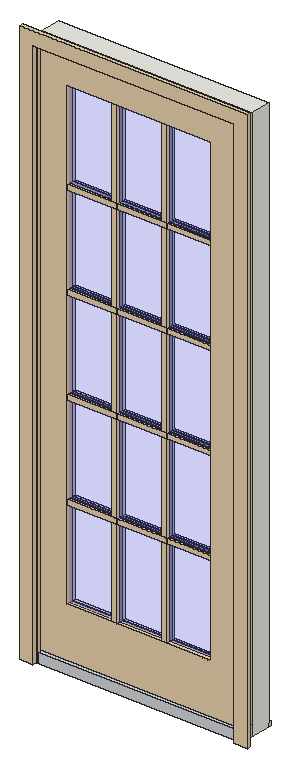
Revit family "Door-Inswing-Andersen-A_Series-Single 3", category Doors, host Wall, Revit 2013 (continued)
Dimensions and locks (in)
  aligned and locked: plane 53 "L Stop" to Extrusion 16 sketch curve
  aligned and locked: Extrusion 16 sketch curve to plane 3 "R Frame"
  aligned and locked: plane 5 "T Frame" to Extrusion 16 sketch curve
  aligned and locked: plane 4 "L Frame" to Extrusion 16 sketch curve
  aligned and locked: Extrusion 16 to plane 49 "Panel1 S1"
  aligned and locked: plane 52 "Frame S1" to Extrusion 16
  aligned and locked: plane 73 "Handing" to curve 72
  aligned and locked: plane 41 "L Panel" to curve 72
  aligned and locked: plane 42 "R Panel" to curve 72
  aligned and locked: plane 43 "T Panel" to curve 72
  aligned and locked: plane 42 "R Panel" to curve 73
  aligned and locked: plane 44 "B Panel" to curve 73
  aligned and locked: nested 1 to plane 2 "Center (Left/Right)"
  aligned and locked: nested 1 to plane 46 "T Glazing"
  aligned and locked: nested 2 to plane 46 "T Glazing"
  aligned and locked: nested 5 to plane 47 "L Glazing"
  aligned and locked: nested 6 to plane 47 "L Glazing"
  aligned and locked: nested 3 to plane 47 "L Glazing"
  aligned and locked: nested 4 to plane 47 "L Glazing"
  aligned and locked: plane 65 "R Int Frame" to curve 67
  aligned and locked: plane 74 "R Ext Frame 2" to curve 47
  aligned and locked: plane 66 "L Int Frame" to curve 67
  aligned and locked: plane 66 "L Int Frame" to curve 66
  aligned and locked: plane 76 "L Ext Frame 2" to curve 52
  aligned and locked: plane 65 "R Int Frame" to curve 68
  aligned and locked: plane 66 "L Int Frame" to curve 69
  aligned and locked: plane 50 "Panel1 S2" to curve 77
  aligned and locked: plane 41 "L Panel" to curve 77
  aligned and locked: plane 57 "Glass1 S1" to Extrusion 15 sketch curve
  aligned and locked: Extrusion 16 sketch curve to plane 44 "B Panel"  (x2)
  aligned and locked: plane 52 "Frame S1" to Extrusion 13 sketch curve
  aligned and locked: Extrusion 13 sketch curve to plane 44 "B Panel"
  aligned and locked: Extrusion 13 sketch curve to level
  aligned and locked: Extrusion 13 sketch curve to plane 57 "Glass1 S1"
  aligned and locked: Sweep 7 sketch curve to plane 49 "Panel1 S1"
  aligned and locked: Sweep 7 sketch curve to plane 67 "Frame S1.1"
  aligned and locked: plane 74 "R Ext Frame 2" to Sweep 7 sketch curve
  aligned and locked: Sweep 7 sketch curve to plane 75 "Stop S1"
  aligned and locked: plane 54 "R Stop" to Sweep 7 sketch curve
  aligned and locked: plane 67 "Frame S1.1" to Sweep 7 sketch curve
  aligned and locked: plane 76 "L Ext Frame 2" to Sweep 7 sketch curve
  aligned and locked: plane 75 "Stop S1" to Sweep 7 sketch curve
  aligned and locked: plane 53 "L Stop" to Sweep 7 sketch curve
  aligned and locked: plane 49 "Panel1 S1" to Sweep 7 sketch curve
  aligned and locked: Extrusion 14 sketch curve to plane 67 "Frame S1.1"
  aligned and locked: plane 56 "Sill Height" to Extrusion 14 sketch curve
  aligned and locked: plane 57 "Glass1 S1" to Extrusion 14 sketch curve
  aligned and locked: Extrusion 14 sketch curve to plane 49 "Panel1 S1"
  aligned and locked: plane 44 "B Panel" to Extrusion 14 sketch curve
  aligned and locked: plane 52 "Frame S1" to curve 47
  aligned and locked: plane 52 "Frame S1" to curve 52
  aligned and locked: plane 44 "B Panel" to Masking region 9 sketch curve
  aligned and locked: plane 42 "R Panel" to Masking region 9 sketch curve
  aligned and locked: Masking region 9 sketch curve to plane 41 "L Panel"
  aligned and locked: Masking region 9 sketch curve to plane 43 "T Panel"
  aligned and locked: plane 45 "B Glazing" to Extrusion 11 sketch curve
  aligned and locked: plane 66 "L Int Frame" to Sweep 9 sketch curve
  aligned and locked: Sweep 9 sketch curve to plane 9 "Frame S2"
  aligned and locked: Sweep 9 sketch curve to plane 4 "L Frame"
  aligned and locked: plane 49 "Panel1 S1" to Sweep 9 sketch curve
  aligned and locked: plane 69 "T Int Frame" to curve 71
  aligned and locked: plane 56 "Sill Height" to curve 71
  aligned and locked: nested 7 to plane 46 "T Glazing"
  aligned and locked: Extrusion 12 sketch curve to plane 45 "B Glazing"
  aligned and locked: plane 9 "Frame S2" to curve 83
  aligned and locked: curve 83 to plane 65 "R Int Frame"
  aligned and locked: plane 67 "Frame S1.1" to curve 105
  aligned and locked: plane 75 "Stop S1" to curve 105
  aligned and locked: plane 74 "R Ext Frame 2" to curve 105
  aligned and locked: Sweep 8 sketch curve to plane 4 "L Frame"
  aligned and locked: plane 52 "Frame S1" to Sweep 8 sketch curve
  aligned and locked: Sweep 8 sketch curve to plane 62 "L Xjamb 1"
  aligned and locked: Sweep 8 sketch curve to plane 67 "Frame S1.1"
  aligned and locked: plane 76 "L Ext Frame 2" to Sweep 8 sketch curve
  aligned and locked: Sweep 8 sketch curve to plane 49 "Panel1 S1"
  aligned and locked: plane 75 "Stop S1" to Sweep 8 sketch curve
  aligned and locked: plane 9 "Frame S2" to curve 110
  aligned and locked: curve 110 to plane 66 "L Int Frame"
  aligned and locked: plane 67 "Frame S1.1" to curve 119
  aligned and locked: plane 75 "Stop S1" to curve 119
  aligned and locked: plane 76 "L Ext Frame 2" to curve 119
  aligned and locked: plane 9 "Frame S2" to curve 123
  aligned and locked: curve 123 to plane 69 "T Int Frame"
  aligned and locked: plane 67 "Frame S1.1" to curve 148
  aligned and locked: plane 75 "Stop S1" to curve 148
  aligned and locked: plane 77 "T Ext Frame 2" to curve 148
  aligned and locked: level to curve 152
  aligned and locked: curve 152 to plane 9 "Frame S2"
  aligned and locked: plane 67 "Frame S1.1" to curve 182
  aligned and locked: level to curve 32
  aligned and locked: plane 72 "Sill S1" to curve 32
Automatic sketch dimensions
  curve 24 to curve 23 = 0' - 0.881"
  curve 21 to curve 22 = 0' - 0.998"
  curve 22 to curve 22 = 0' - 0.314"
  curve 25 to curve 24 = 0' - 0 1/2"
  curve 23 to curve 22 = 0' - 0.266"
  curve 24 to curve 21 = 0' - 0 3/4"
  curve 21 to curve 21 = 0' - 1 5/8"
  curve 29 to curve 28 = 0' - 0.881"
  curve 26 to curve 27 = 0' - 0.998"
  curve 27 to curve 27 = 0' - 0.314"
  curve 30 to curve 29 = 0' - 0 1/2"
  curve 28 to curve 27 = 0' - 0.266"
  curve 29 to curve 26 = 0' - 0 3/4"
  curve 26 to curve 26 = 0' - 1 5/8"
  curve 32 to curve 32 = 0' - 0.748"
  curve 31 to curve 31 = 0' - 0.0799"
  curve 34 to curve 34 = 0' - 0.748"
  curve 33 to curve 33 = 0' - 0.0799"
  Masking region 1 sketch curve to plane 52 "Frame S1" = 0' - 0"
  Masking region 2 sketch curve to plane 52 "Frame S1" = 0' - 0"
  Masking region 3 sketch curve to plane 52 "Frame S1" = 0' - 0"
  Masking region 4 sketch curve to plane 52 "Frame S1" = 0' - 0"
  curve 74 to curve 74 = 0' - 0 1/2"
  curve 37 to curve 36 = 0' - 0.266"
  curve 38 to curve 35 = 0' - 0 3/4"
  curve 35 to curve 35 = 0' - 1.55"
  curve 37 to curve 74 = 0' - 0.881"
  curve 36 to curve 36 = 0' - 0.314"
  curve 36 to curve 35 = 0' - 0.998"
  curve 75 to curve 75 = 0' - 0 1/2"
  curve 41 to curve 40 = 0' - 0.266"
  curve 42 to curve 39 = 0' - 0 3/4"
  curve 39 to curve 39 = 0' - 1.55"
  curve 75 to curve 41 = 0' - 0.881"
  curve 40 to curve 40 = 0' - 0.314"
  curve 39 to curve 40 = 0' - 0.998"
  curve 76 to curve 76 = 0' - 0 1/2"
  curve 45 to curve 44 = 0' - 0.266"
  curve 46 to curve 43 = 0' - 0 3/4"
  curve 43 to curve 43 = 0' - 1.55"
  curve 76 to curve 45 = 0' - 0.881"
  curve 44 to curve 44 = 0' - 0.314"
  curve 43 to curve 44 = 0' - 0.998"
  profile plane to Sweep 8 sketch curve = 0' - 2.10479"
  curve 31 to curve 31 = 0' - 1.52463"
  curve 33 to curve 33 = 0' - 1.52463"
  curve 152 to curve 164 = 0' - 0.92837"
  curve 163 to curve 162 = 0' - 0.08"
  curve 162 to curve 159 = 0' - 0.76609"
  curve 152 to curve 154 = 0' - 1.782"
  curve 159 to curve 158 = 0' - 0.08875"
  curve 155 to curve 155 = 0' - 0.27978"
  curve 161 to curve 162 = 0' - 0.5405"
  curve 164 to curve 161 = 0' - 0"
  curve 162 to curve 150 = 0' - 0.1245"
  curve 149 to curve 159 = 0' - 0.1255"
  curve 158 to curve 158 = 0' - 0.32416"
  curve 155 to curve 157 = 0' - 0.12594"
  curve 153 to curve 155 = 0' - 0.46788"
  curve 155 to curve 154 = 0' - 0.30104"
  curve 154 to curve 161 = 0' - 7.29358"
  curve 162 to curve 163 = 0' - 0 3/4"
  curve 160 to curve 160 = 0' - 0 3/4"
  curve 152 to curve 152 = 0' - 1 11/16"
  curve 161 to curve 164 = 0' - 0.35858"
  curve 149 to curve 162 = 0' - 0 1/8"
  curve 158 to curve 158 = 0' - 0.11008"
  curve 162 to curve 150 = 0' - 0"
  curve 149 to curve 151 = 0' - 0 1/8"
  curve 153 to curve 156 = 0' - 0.43827"
  curve 156 to curve 152 = 0' - 0.13745"
  curve 168 to curve 180 = 0' - 0.92837"
  curve 179 to curve 178 = 0' - 0.08"
  curve 178 to curve 175 = 0' - 0.76609"
  curve 168 to curve 170 = 0' - 1.782"
  curve 175 to curve 174 = 0' - 0.08875"
  curve 171 to curve 171 = 0' - 0.27978"
  curve 177 to curve 178 = 0' - 0.5405"
  curve 180 to curve 177 = 0' - 0"
  curve 178 to curve 166 = 0' - 0.1245"
  curve 165 to curve 175 = 0' - 0.1255"
  curve 174 to curve 174 = 0' - 0.32416"
  curve 171 to curve 173 = 0' - 0.12594"
  curve 169 to curve 171 = 0' - 0.46788"
  curve 171 to curve 170 = 0' - 0.30104"
  curve 170 to curve 177 = 0' - 7.29358"
  curve 178 to curve 179 = 0' - 0 3/4"
  curve 176 to curve 176 = 0' - 0 3/4"
  curve 168 to curve 168 = 0' - 1 11/16"
  curve 177 to curve 180 = 0' - 0.35858"
  curve 165 to curve 178 = 0' - 0 1/8"
  curve 174 to curve 174 = 0' - 0.11008"
  curve 178 to curve 166 = 0' - 0"
  curve 165 to curve 167 = 0' - 0 1/8"
  curve 169 to curve 172 = 0' - 0.43827"
  curve 172 to curve 168 = 0' - 0.13745"
  curve 4 to plane 52 "Frame S1" = 0' - 0"
  curve 3 to plane 52 "Frame S1" = 0' - 0"
  curve 182 to plane 70 "B Ext Frame" = 0' - 0.0799"
  plane 26 "T Rough Opening" to curve 6 = 0' - 0.15975"
  curve 5 to plane 35 "L Int Casing" = 0' - 0 1/8"
Nested families (in)
  nested 1: "Andersen Grille Bar" at (0, -2.22528, 50.4375) x (-1, 0, 0) z (0, 1, 0), Bar Width <- "Grille Bar Size", Bar Length <- "TS V Bar Length", visible <- "TS S V", type "Andersen Grille Bar"
    with Glass / 2 0' - 0 7/32", Glass 0' - 0 13/16", Center Line Length 6' - 7 7/8", Center Line 2, Bar Width 0' - 0 7/8", Bar Length 6' - 7 7/8"
  nested 2: "Andersen Grille Bar" at (4.276, -2.22528, 50.4375) x (-1, 0, 0) z (0, 1, 0), Bar Width <- "Grille Bar Size", Bar Length <- "TS V Bar Length", visible <- "TS M V", type "Andersen Grille Bar"
    with Glass / 2 0' - 0 7/32", Glass 0' - 0 13/16", Center Line Length 6' - 7 7/8", Center Line 2, Bar Width 0' - 0 7/8", Bar Length 6' - 7 7/8"
  nested 3: "Andersen Grille Bar" at (0, -2.22528, 50.4375) x (0, 0, 1) z (0, 1, 0), Bar Width <- "Grille Bar Size", visible <- "TS S H Craftsman", Bar Length <- "H DLO", type "Andersen Grille Bar"
    with Glass / 2 0' - 0 1/8", Glass 0' - 0 5/8", Center Line Length 2' - 0.781", Center Line 2, Bar Width 0' - 0 7/8", Bar Length 2' - 0.781"
  nested 4: "Andersen Grille Bar" at (0, -2.22528, 50.4375) x (0, 0, 1) z (0, 1, 0), Bar Width <- "Grille Bar Size", visible <- "TS S H", Bar Length <- "H DLO", type "Andersen Grille Bar"
    with Glass / 2 0' - 0 7/32", Glass 0' - 0 13/16", Center Line Length 2' - 0.781", Center Line 2, Bar Width 0' - 0 7/8", Bar Length 2' - 0.781"
  nested 5: "Andersen Grille Bar" at (0, -2.22528, 74.6625) x (0, 0, 1) z (0, 1, 0), Bar Width <- "Grille Bar Size", visible <- "TS M H", Bar Length <- "H DLO", type "Andersen Grille Bar"
    with Glass / 2 0' - 0 7/32", Glass 0' - 0 13/16", Center Line Length 2' - 0.781", Center Line 2, Bar Width 0' - 0 7/8", Bar Length 2' - 0.781"
  nested 6: "Andersen Grille Bar" at (0, -2.22528, 26.2125) x (0, 0, 1) z (0, 1, 0), Bar Width <- "Grille Bar Size", visible <- "TS M H", Bar Length <- "H DLO", type "Andersen Grille Bar"
    with Glass / 2 0' - 0 7/32", Glass 0' - 0 13/16", Center Line Length 2' - 0.781", Center Line 2, Bar Width 0' - 0 7/8", Bar Length 2' - 0.781"
  nested 7: "Andersen Grille Bar" at (-4.276, -2.22528, 50.4375) x (-1, 0, 0) z (0, 1, 0), Bar Width <- "Grille Bar Size", Bar Length <- "TS V Bar Length", visible <- "TS M V", type "Andersen Grille Bar"
    with Glass / 2 0' - 0 7/32", Glass 0' - 0 13/16", Center Line Length 6' - 7 7/8", Center Line 2, Bar Width 0' - 0 7/8", Bar Length 6' - 7 7/8"
  nested 8: "Andersen Grille Bar" at (0, -2.22528, 58.5125) x (0, 0, 1) z (0, 1, 0), Bar Width <- "Grille Bar Size", visible <- "TS M H", Bar Length <- "H DLO", type "Andersen Grille Bar"
    with Glass / 2 0' - 0 7/32", Glass 0' - 0 13/16", Center Line Length 2' - 0.781", Center Line 2, Bar Width 0' - 0 7/8", Bar Length 2' - 0.781"
  nested 9: "Andersen Grille Bar" at (0, -2.22528, 42.3625) x (0, 0, 1) z (0, 1, 0), Bar Width <- "Grille Bar Size", visible <- "TS M H", Bar Length <- "H DLO", type "Andersen Grille Bar"
    with Glass / 2 0' - 0 7/32", Glass 0' - 0 13/16", Center Line Length 2' - 0.781", Center Line 2, Bar Width 0' - 0 7/8", Bar Length 2' - 0.781"
Definition of nested family "Andersen Grille Bar"
  Parameters (values of type "Andersen Grille Bar")
    Interior Bar Visibility = yes
    Interior Bar Material = none
    Glass / 2 [instance] = (Glass / 2) - 0' 0 3/16"  # 0' - 0 1/8"
    Glass [instance] = 0' - 0 5/8"
    Exterior Bar Visibility = yes
    Exterior Bar Finish = none
    Default Elevation = 4' - 0"
    Center Line Length [instance] = if(Center Line = 1, Bar Length + (Bar Width / 2), Bar Length)  # 0' - 4 7/16"
    Center Line [instance] = 1
    Between Glass Bar Visibility = yes
    Between Glass Bar Finish = none
    Bar Width [instance] = 0' - 0 7/8"
    Bar Length [instance] = 0' - 4"
  Reference planes (in)
    plane 1 "Center (Front/Back)": y = 0
    plane 2 "a": z = 0
    plane 3 "Center (Left/Right)": x = 0
    plane 4 "1": x = -0.4375
    plane 5 "2": x = 0.4375
    plane 6: y = 2
    plane 7: y = -2
    plane 8 "b": z = -0.625
    plane 9: z = -0.125
    plane 10: y = -2.4375
    plane 11 "a1": z = 12
    plane 12 "a2": z = -12
  Forms (in)
    Extrusion 1, solid
      sketch origin (0, 0, 0) x (1, 0, 0) y (0, 1, 0)
        loop
          line (-48, 48) -> (-48, -48) -> (48, -48) -> (48, 48) -> (-48, 48)
      from 0 to -12
    Extrusion 2, solid, material <- "Exterior Bar Finish", visible <- "Exterior Bar Visibility", detail levels fine
      sketch origin (0, 0, 0) x (1, 0, 0) y (0, 1, 0)
        loop
          line (-0.4375, 2) -> (-0.4375, -2) -> (0.4375, -2) -> (0.4375, 2) -> (-0.4375, 2)
      from 0 to 0.375
    Extrusion 3, solid, material <- "Between Glass Bar Finish", visible <- "Between Glass Bar Visibility", detail levels fine
      sketch origin (0, 0, 0) x (1, 0, 0) y (0, 1, 0)
        loop
          line (-0.4375, 2) -> (-0.4375, -2) -> (0.4375, -2) -> (0.4375, 2) -> (-0.4375, 2)
      from -0.5 to -0.125
    Extrusion 4, solid, material <- "Interior Bar Material", visible <- "Interior Bar Visibility", detail levels fine
      sketch origin (0, 0, 0) x (1, 0, 0) y (0, 1, 0)
        loop
          line (-0.4375, 2) -> (-0.4375, -2) -> (0.4375, -2) -> (0.4375, 2) -> (-0.4375, 2)
      from -1 to -0.625
  Lines and regions (in)
    model lines, style "GenericModel", detail levels coarse+medium
      curve 1: line (0, 2, 0) -> (0, -2.4375, 0)
    symbolic lines, style "GenericModel", detail levels coarse+medium
      curve 2: line (0, 2, 12) -> (0, -2.4375, 12)
      curve 3: line (0, 2, -12) -> (0, -2.4375, -12)
    model lines, style "InvisibleLines", not visible, detail levels coarse
      curve 4: line (0, 0, 12) -> (0, 0, -12)
    symbolic lines, detail levels fine
      curve 5: line (-0.4375, 2, 0) -> (-0.4375, -2, 0)
      curve 6: line (0.4375, 2, 0) -> (0.4375, -2, 0)
  Dimensions and locks (in)
    "Glass": plane 2 "a" to plane 8 "b"
    "Glass / 2": plane 2 "a" to plane 9
    locked: Extrusion 2 to Extrusion 2 at 0.375
    locked: plane 9 to Extrusion 3 at 0.375
    locked: plane 8 "b" to Extrusion 4 at 0.375
    equal spacing: plane 4 "1", plane 3 "Center (Left/Right)", plane 5 "2"
    equal spacing: plane 6, plane 1 "Center (Front/Back)", plane 7
    "Bar Width": plane 4 "1" to plane 5 "2"
    "Bar Length": plane 6 to plane 7
    "Center Line Length": plane 6 to plane 10
    locked: plane 11 "a1" to plane 2 "a" at 12
    locked: plane 2 "a" to plane 12 "a2" at 12
    aligned and locked: plane 2 "a" to Extrusion 1
    aligned and locked: level to Extrusion 1
    aligned and locked: Extrusion 2 to plane 2 "a"
    aligned and locked: Extrusion 2 to plane 4 "1"
    aligned and locked: plane 5 "2" to Extrusion 2
    aligned and locked: plane 6 to Extrusion 2
    aligned and locked: Extrusion 2 to plane 7
    aligned and locked: plane 9 to Extrusion 3
    aligned and locked: Extrusion 3 to plane 4 "1"
    aligned and locked: plane 5 "2" to Extrusion 3
    aligned and locked: plane 6 to Extrusion 3
    aligned and locked: Extrusion 3 to plane 7
    aligned and locked: plane 8 "b" to Extrusion 4
    aligned and locked: Extrusion 4 to plane 4 "1"
    aligned and locked: plane 5 "2" to Extrusion 4
    aligned and locked: plane 6 to Extrusion 4
    aligned and locked: Extrusion 4 to plane 7
    aligned and locked: plane 6 to curve 1
    aligned and locked: plane 10 to curve 1
    aligned and locked: curve 1 to plane 3 "Center (Left/Right)"
    aligned and locked: plane 6 to curve 2
    aligned and locked: plane 10 to curve 2
    aligned and locked: curve 2 to plane 3 "Center (Left/Right)"
    aligned and locked: plane 6 to curve 3
    aligned and locked: plane 10 to curve 3
    aligned and locked: curve 3 to plane 3 "Center (Left/Right)"
    aligned and locked: plane 11 "a1" to curve 4
    aligned and locked: plane 12 "a2" to curve 4
    aligned and locked: curve 4 to plane 1 "Center (Front/Back)"
    aligned and locked: plane 6 to curve 5
    aligned and locked: plane 6 to curve 6
    aligned and locked: plane 7 to curve 6
    aligned and locked: plane 7 to curve 5
    aligned and locked: curve 5 to plane 4 "1"
    aligned and locked: curve 6 to plane 5 "2"
  Automatic sketch dimensions
    Extrusion 1 sketch curve to Extrusion 1 sketch curve = 8' - 0"  (x2)
    plane 7 to Extrusion 2 sketch curve = 0' - 0"
    Extrusion 2 sketch curve to plane 5 "2" = 0' - 0 7/8"
    Extrusion 2 sketch curve to plane 6 = 0' - 0"
    Extrusion 2 sketch curve to Extrusion 2 sketch curve = 0' - 0 7/8"
    plane 7 to Extrusion 3 sketch curve = 0' - 0"
    Extrusion 3 sketch curve to plane 5 "2" = 0' - 0 7/8"
    Extrusion 3 sketch curve to plane 6 = 0' - 0"
    Extrusion 3 sketch curve to Extrusion 3 sketch curve = 0' - 0 7/8"
    Extrusion 4 sketch curve to plane 7 = 0' - 0"
    Extrusion 4 sketch curve to plane 5 "2" = 0' - 0 7/8"
    Extrusion 4 sketch curve to plane 6 = 0' - 0"
    Extrusion 4 sketch curve to Extrusion 4 sketch curve = 0' - 0 7/8"
